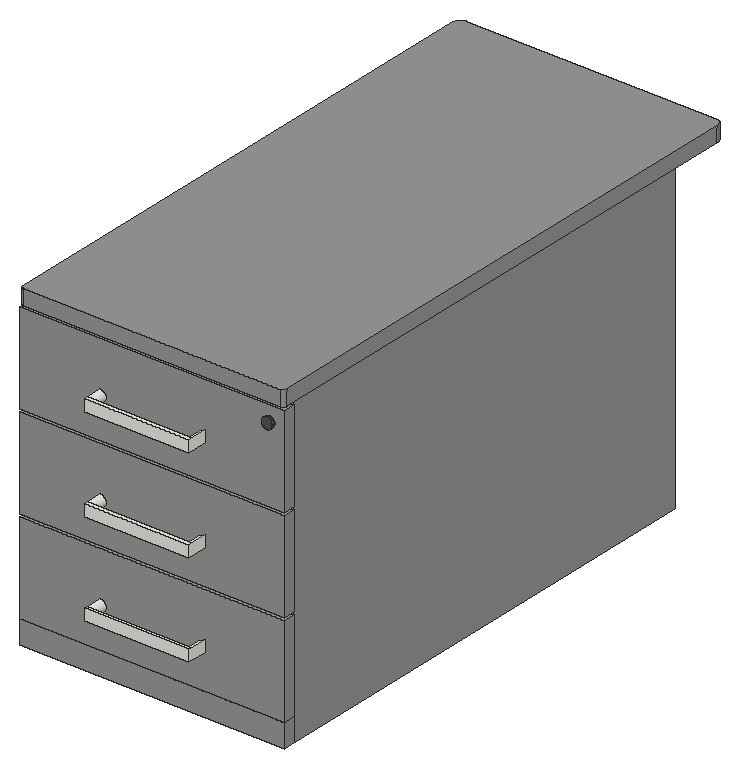
Revit family "Haworth_HC1Pedestal_9HE_EU_PRELIMINARY", category Furniture Systems, Revit 2019
Family settings
  Round Connector Dimension = Use Diameter
  Part Type = Normal
  OmniClass Number = 23.40.70.14.64.21
  OmniClass Title = Systems Furniture
  Work Plane-Based = No
  Always vertical = Yes
  Cut with Voids When Loaded = No
  Shared = No
  Room Calculation Point = No
Parameters (values of type "3/3/3 43.3 x 80 x 51.6")
  Without Pull = no
  Warranty = "http://www.haworth.com/resources/product-info/warranties"
  URL - Product = "https://www.haworth.com/eu/en/products/office-drawers/hc1.html"
  Top Depth = if([60D Top], 60 cm, if([70D Top], 70 cm, if([80D Top], 80 cm, 90 cm)))  # 90 cm
  Thickness = if(Low, 1.9 cm, 2.5 cm)  # 2.5 cm
  Standard Handle 2 = no
  Standard Handle 1 = yes
  Small = not(Large)  # no
  Recessed Handle 128 1H Upper = no
  Recessed Handle 128 = no
  Pull Finish = Haworth _ Paint _ Smooth Plaster
  Pedestal Finish [instance] = Haworth _ Laminate _ Undecided _ Pedestal
  Model = "MS900XXXXX"  # constant formula
  Low = not(High)  # no
  Large = yes
  High = yes
  Handle Metal = no
  Handle 2 = no
  Handle 128 128 = no
  Handle 1 = no
  Glides = not(Casters)  # yes
  Glide Finish = Haworth _ Polymer _ Black
  Front Finish [instance] = Haworth _ Laminate _ Undecided _ Pedestal
  Four Doors Recessed Handle Door = no
  Four Doors = no
  Description = "Haworth - HC1 Pedestal - 9HE Pedestal"  # constant formula
  URL = "https://www.haworth.com/eu/en.html"
  Size = "Verify Final Dim. w/ Haworth"  # constant formula
  Revision Number = "1"  # constant formula
  Manufacturer = "Haworth"  # constant formula
  Depth of Top = "if(Depth 60, 60, 70), if(Depth 80, 80, 90)"  # constant formula
  Cushion Finish [instance] = Haworth _ Fabric _ Undecided _ Seating _ Lounge
  Casters = no
  Author = "Haworth (Abd Rahman)"  # constant formula
  Assembly Code = "E2020200"
  Actual Width = 43.3 cm  # constant formula
  Actual Height = 51.6 cm  # constant formula
  Actual Depth = if(Small, 60 cm, 80 cm)  # 80 cm
  90D Top = yes
  80D Top = no
  70D Top = no
  6H Lower = no
  60D Top = no
  3H Upper = yes
  3H Middle = yes
  3H Lower = yes
  2H Middle = no
  1H Upper = no
Reference planes (cm)
  plane 1 "Storage Top Center F/B": y = 5
  plane 2: z = 0
  plane 3 "Storage Top Center L/R": x = 0
  plane 4 "Left": x = -21.65
  plane 5 "Back": y = 45
  plane 6 "Front": y = -35
  plane 7 "Right": x = 21.65
  plane 8 "Top": z = 54.1
  plane 9 "Bottom": z = 51.6
  plane 10: z = 1.6
  plane 11: z = 46.2
  plane 12: z = 45.8
  plane 13: z = 51.2
  plane 14: y = -33.095
  plane 15: y = 55
  plane 16: x = 19.15
  plane 17: z = 48.7
  plane 18: y = -36
  plane 19: z = 42.8
  plane 20: z = 27.4
  plane 21: z = 12
  plane 22: z = 1.6
  plane 23: z = 49.2
  plane 24: x = 9
  plane 25: x = -9
  plane 26: z = 43.8
  plane 27: z = 40.8
  plane 28: z = 28.4
  plane 29: z = 25.4
  plane 30: y = -35.4499
  plane 31: x = -7
  plane 32: x = 6.9654
  plane 33: z = 49.6299
  plane 34: z = 47.6299
  plane 35: z = 43.2299
  plane 36: z = 41.2299
  plane 37: z = 27.8299
  plane 38: z = 25.8299
  plane 39: z = 12.4299
  plane 40: z = 10.4299
  plane 41: z = 2.0299
  plane 42: z = 0.0299
  plane 43: y = -35.1733
  plane 44: z = 36.2
  plane 45: z = 35.8
  plane 46: z = 20.8
  plane 47: z = 20.4
  plane 48: z = 5.8
  plane 49: z = 5.4
  plane 50: z = 13
  plane 51: z = 10
  plane 52: y = -35.4499
  plane 53: z = 50.2
  plane 54: z = 47.2
Forms (cm)
  Extrusion 1, solid, material "Haworth _ Fabric _ Undecided _ Seating _ Lounge" <- "Cushion Finish"
    sketch origin (-91.5403, -457.2, 51.6) x (-1, 0, 0) y (0, -1, 0)
      loop
        arc (-71.1603, -512.2) -> (-70.2623, -511.828) -> (-69.8903, -510.93) r 1.27
        line (-69.8903, -510.93) -> (-69.8903, -422.7913)
        arc (-69.8903, -422.7913) -> (-70.0635, -422.3732) -> (-70.4816, -422.2) r 0.5913
        line (-70.4816, -422.2) -> (-112.599, -422.2)
        arc (-112.599, -422.2) -> (-113.0171, -422.3732) -> (-113.1903, -422.7913) r 0.5913
        line (-113.1903, -422.7913) -> (-113.1903, -510.93)
        arc (-113.1903, -510.93) -> (-112.8183, -511.828) -> (-111.9203, -512.2) r 1.27
        line (-111.9203, -512.2) -> (-71.1603, -512.2)
    from 0 to 2.5
  Extrusion 2, solid, material "Haworth _ Laminate _ Undecided _ Pedestal" <- "Pedestal Finish"
    sketch origin (0, 0, 0) x (1, 0, 0) y (0, 1, 0)
      loop
        line (-21.65, 45) -> (-21.65, -33.095) -> (21.65, -33.095) -> (21.65, 45) -> (-21.65, 45)
    from 1.6 to 51.6
  Extrusion 3, solid, material "Haworth _ Polymer _ Black" <- "Glide Finish", visible <- "Glides"
    sketch origin (0, 0, 0) x (1, 0, 0) y (0, 1, 0)
      loop
        line (-19.65, -26.5595) -> (-19.65, -30.2688)
        arc (-19.65, -30.2688) -> (-14.3286, -28.4141) -> (-19.65, -26.5595) r 2.9839
      loop
        arc (19.65, -26.5595) -> (14.3286, -28.4141) -> (19.65, -30.2688) r 2.9839
        line (19.65, -30.2688) -> (19.65, -26.5595)
      loop
        arc (-19.65, 36.9645) -> (-14.3286, 38.8191) -> (-19.65, 40.6738) r 2.9839
        line (-19.65, 40.6738) -> (-19.65, 36.9645)
      loop
        line (19.65, 36.9645) -> (19.65, 40.6738)
        arc (19.65, 40.6738) -> (14.3286, 38.8191) -> (19.65, 36.9645) r 2.9839
    from 0 to 1.6
  Extrusion 4, solid, material "Haworth _ Polymer _ Black" <- "Glide Finish"
    sketch origin (257.4608, -35, 4.494) x (1, 0, 0) y (0, 0, -1)
      loop
        circle (-238.3108, -44.206) r 0.9
    from -0.4499 to 0
  Extrusion 5, solid, material "Haworth _ Paint _ Smooth Plaster" <- "Pull Finish", visible <- "Recessed Handle 128"
    sketch origin (0, -35, 0) x (1, 0, 0) y (0, 0, -1)
      loop
        line (-9, -43.8) -> (9, -43.8) -> (9, -40.8) -> (-9, -40.8) -> (-9, -43.8)
      loop
        line (-9, -28.4) -> (9, -28.4) -> (9, -25.4) -> (-9, -25.4) -> (-9, -28.4)
    from -0.4499 to 0
  Extrusion 6, void
    sketch origin (0, -35, 0) x (1, 0, 0) y (0, 0, -1)
      loop
        line (-7, -49.6299) -> (6.9654, -49.6299) -> (6.9654, -47.6299) -> (-7, -47.6299) -> (-7, -49.6299)
      loop
        line (-7, -43.2299) -> (6.9654, -43.2299) -> (6.9654, -41.2299) -> (-7, -41.2299) -> (-7, -43.2299)
      loop
        line (-7, -27.8299) -> (6.9654, -27.8299) -> (6.9654, -25.8299) -> (-7, -25.8299) -> (-7, -27.8299)
      loop
        line (-7, -12.4299) -> (6.9654, -12.4299) -> (6.9654, -10.4299) -> (-7, -10.4299) -> (-7, -12.4299)
    from -25.6289 to -0.1733
  Extrusion 7, solid, material "Haworth _ Polymer _ Black" <- "Glide Finish", visible <- "Casters"
    sketch origin (0, -35, 0) x (1, 0, 0) y (0, 0, -1)
      loop
        line (14.7912, -1.6) -> (18.7912, -1.6)
        arc (18.7912, -1.6) -> (16.7912, 0.0001) -> (14.7912, -1.6) r 2.05
      loop
        arc (-14.7912, -1.6) -> (-16.7912, 0.0001) -> (-18.7912, -1.6) r 2.05
        line (-18.7912, -1.6) -> (-14.7912, -1.6)
    from 4.7312 to 8.4405
  Extrusion 8, solid, material "Haworth _ Laminate _ Undecided _ Pedestal" <- "Pedestal Finish"
    sketch origin (257.4608, -35, 4.494) x (1, 0, 0) y (0, 0, -1)
      loop
        line (-279.1108, -0.906) -> (-235.8108, -0.906) -> (-235.8108, 2.894) -> (-279.1108, 2.894) -> (-279.1108, -0.906)
    from 0 to 1.905
  Extrusion 9, solid, material "Haworth _ Paint _ Smooth Plaster" <- "Pull Finish", visible <- "Four Doors Recessed Handle Door"
    sketch origin (257.4608, -35, 4.494) x (1, 0, 0) y (0, 0, -1)
      loop
        line (-266.4608, -8.506) -> (-248.4608, -8.506) -> (-248.4608, -5.506) -> (-266.4608, -5.506) -> (-266.4608, -8.506)
    from -0.4499 to 0
  Extrusion 10, solid, material "Haworth _ Paint _ Smooth Plaster" <- "Pull Finish", visible <- "Recessed Handle 128 1H Upper"
    sketch origin (257.4608, -35, 4.494) x (1, 0, 0) y (0, 0, -1)
      loop
        line (-266.4608, -45.706) -> (-248.4608, -45.706) -> (-248.4608, -42.706) -> (-266.4608, -42.706) -> (-266.4608, -45.706)
    from -0.4499 to 0
  Extrusion 11, solid, material "Haworth _ Polymer _ Black" <- "Glide Finish", visible <- "Casters"
    sketch origin (0, 45, 0) x (1, 0, 0) y (0, 0, 1)
      loop
        arc (14.7912, 1.6) -> (16.7912, -0.0001) -> (18.7912, 1.6) r 2.05
        line (18.7912, 1.6) -> (14.7912, 1.6)
      loop
        line (-14.7912, 1.6) -> (-18.7912, 1.6)
        arc (-18.7912, 1.6) -> (-16.7912, -0.0001) -> (-14.7912, 1.6) r 2.05
    from 4.3262 to 8.0355
Cuts and joins
  Extrusion 6 cuts Extrusion 2
  Extrusion 6 cuts Extrusion 5
  Extrusion 6 cuts Extrusion 9
  Extrusion 6 cuts Extrusion 10
Lines and regions (cm)
  Masking region 1
    outline origin (0, 0, 54.1) x (-1, 0, 0) y (0, -1, 0)
      loop
        line (21.65, -53.73) -> (21.65, 33.325)
        arc (21.65, 33.325) -> (21.1594, 34.5094) -> (19.975, 35) r 1.675
        line (19.975, 35) -> (-20.38, 35)
        arc (-20.38, 35) -> (-21.278, 34.628) -> (-21.65, 33.73) r 1.27
        line (-21.65, 33.73) -> (-21.65, -53.73)
        arc (-21.65, -53.73) -> (-21.278, -54.628) -> (-20.38, -55) r 1.27
        line (-20.38, -55) -> (20.38, -55)
        arc (20.38, -55) -> (21.278, -54.628) -> (21.65, -53.73) r 1.27
Dimensions and locks (cm)
  equal spacing: plane 5 "Back", plane 1 "Storage Top Center F/B", plane 6 "Front"
  "Actual Depth": plane 5 "Back" to plane 6 "Front"
  equal spacing: plane 4 "Left", plane 3 "Storage Top Center L/R", plane 7 "Right"
  "Actual Width": plane 4 "Left" to plane 7 "Right"
  "Thickness": plane 8 "Top" to plane 9 "Bottom"
  "Actual Height": plane 9 "Bottom" to level
  locked: plane 11 to plane 12 at 0.4
  plane 9 "Bottom" to plane 13 = 0.4 cm
  plane 13 to plane 11 = 5 cm
  locked: plane 6 "Front" to plane 14 at 1.905
  "Top Depth": plane 15 to plane 6 "Front"
  locked: plane 16 to plane 7 "Right" at 2.5
  locked: plane 13 to plane 17 at 2.5
  locked: plane 18 to plane 6 "Front" at 1
  locked: plane 12 to plane 19 at 3
  locked: plane 13 to plane 23 at 2
  equal spacing: plane 25, plane 3 "Storage Top Center L/R", plane 24
  plane 26 to plane 19 to plane 27 = 1 cm, 2 cm
  plane 28 to plane 20 to plane 29 = 1 cm, 2 cm
  locked: plane 30 to plane 6 "Front" at 0.4499
  plane 41 to plane 22 to plane 42 = 0.4299 cm locked, 1.5701 cm locked
  plane 39 to plane 21 to plane 40 = 0.4299 cm locked, 1.5701 cm locked
  plane 37 to plane 20 to plane 38 = 0.4299 cm locked, 1.5701 cm locked
  plane 35 to plane 19 to plane 36 = 0.4299 cm locked, 1.5701 cm locked
  plane 33 to plane 23 to plane 34 = 0.4299 cm locked, 1.5701 cm locked
  plane 31 to plane 3 "Storage Top Center L/R" to plane 32 = 7 cm locked, 6.9654 cm locked
  locked: plane 43 to plane 6 "Front" at 0.1733
  locked: plane 10 to level at 1.6
  plane 46 to plane 47 = 0.4 cm
  locked: plane 44 to plane 45 at 0.4
  plane 13 to plane 44 = 15 cm
  plane 45 to plane 46 = 15 cm  (x2)
  plane 47 to nested 14 = 14.6 cm
  locked: plane 48 to plane 49 at 0.4
  plane 12 to plane 44 = 9.6 cm
  plane 47 to plane 48 = 14.6 cm
  plane 50 to plane 21 to plane 51 to level = 1 cm locked, 2 cm locked, 10 cm locked
  equal spacing: Extrusion 9 sketch curve, plane 3 "Storage Top Center L/R", Extrusion 9 sketch curve
  locked: plane 52 to plane 6 "Front" at 0.4499
  plane 53 to plane 23 to plane 54 = 1 cm locked, 2 cm locked
  equal spacing: Extrusion 10 sketch curve, plane 3 "Storage Top Center L/R", Extrusion 10 sketch curve
  aligned and locked: Extrusion 1 sketch curve to plane 7 "Right"
  aligned and locked: plane 6 "Front" to Extrusion 1 sketch curve
  aligned and locked: plane 4 "Left" to Extrusion 1 sketch curve
  aligned and locked: plane 8 "Top" to Extrusion 1
  aligned and locked: Extrusion 1 to plane 9 "Bottom"
  aligned and locked: Masking region 1 to plane 6 "Front"
  aligned and locked: plane 7 "Right" to Extrusion 2 sketch curve
  aligned and locked: plane 4 "Left" to Extrusion 2 sketch curve
  aligned and locked: plane 5 "Back" to Extrusion 2 sketch curve
  aligned and locked: Extrusion 3 to level
  aligned and locked: Extrusion 2 to plane 14
  aligned and locked: plane 15 to Masking region 1 sketch curve
  aligned and locked: Extrusion 1 sketch curve to plane 15
  aligned and locked: plane 16 to Extrusion 4 sketch curve
  aligned and locked: plane 17 to Extrusion 4 sketch curve
  aligned and locked: plane 6 "Front" to Extrusion 4
  aligned and locked: plane 19 to nested 1
  aligned and locked: plane 3 "Storage Top Center L/R" to nested 1
  aligned and locked: nested 1 to plane 6 "Front"
  aligned and locked: nested 2 to plane 6 "Front"
  aligned and locked: plane 3 "Storage Top Center L/R" to nested 2
  aligned and locked: plane 20 to nested 2
  aligned and locked: Extrusion 5 sketch curve to plane 26
  aligned and locked: plane 27 to Extrusion 5 sketch curve
  aligned and locked: plane 24 to Extrusion 5 sketch curve  (x2)
  aligned and locked: Extrusion 5 sketch curve to plane 25  (x2)
  aligned and locked: Extrusion 5 sketch curve to plane 28
  aligned and locked: plane 29 to Extrusion 5 sketch curve
  aligned and locked: plane 6 "Front" to Extrusion 5
  aligned and locked: plane 32 to Extrusion 6 sketch curve  (x4)
  aligned and locked: Extrusion 6 sketch curve to plane 31  (x4)
  aligned and locked: Extrusion 6 sketch curve to plane 33
  aligned and locked: plane 34 to Extrusion 6 sketch curve
  aligned and locked: Extrusion 6 sketch curve to plane 35
  aligned and locked: plane 36 to Extrusion 6 sketch curve
  aligned and locked: Extrusion 6 sketch curve to plane 37
  aligned and locked: plane 38 to Extrusion 6 sketch curve
  aligned and locked: Extrusion 6 sketch curve to plane 39
  aligned and locked: plane 40 to Extrusion 6 sketch curve
  aligned and locked: cut or joined group of Extrusion 2, Extrusion 6 to plane 43
  aligned and locked: plane 3 "Storage Top Center L/R" to nested 5
  aligned and locked: plane 3 "Storage Top Center L/R" to nested 4
  aligned and locked: plane 3 "Storage Top Center L/R" to nested 3
  aligned and locked: plane 19 to nested 5
  aligned and locked: plane 21 to nested 4
  aligned and locked: plane 23 to nested 3
  aligned and locked: nested 4 to plane 6 "Front"
  aligned and locked: nested 5 to plane 6 "Front"
  aligned and locked: nested 3 to plane 6 "Front"
  aligned and locked: plane 23 to nested 8
  aligned and locked: plane 20 to nested 7
  aligned and locked: plane 21 to nested 6
  aligned and locked: nested 8 to plane 6 "Front"
  aligned and locked: nested 7 to plane 6 "Front"
  aligned and locked: nested 6 to plane 6 "Front"
  aligned and locked: plane 3 "Storage Top Center L/R" to nested 8
  aligned and locked: plane 3 "Storage Top Center L/R" to nested 7
  aligned and locked: plane 3 "Storage Top Center L/R" to nested 6
  aligned and locked: plane 10 to Extrusion 3
  aligned and locked: cut or joined group of Extrusion 2, Extrusion 6 to plane 10
  aligned and locked: plane 30 to Extrusion 4
  aligned and locked: plane 9 "Bottom" to cut or joined group of Extrusion 2, Extrusion 6
  aligned and locked: Extrusion 7 sketch curve to plane 22
  aligned and locked: plane 13 to nested 9
  aligned and locked: plane 3 "Storage Top Center L/R" to nested 9
  aligned and locked: plane 6 "Front" to nested 9
  aligned and locked: plane 3 "Storage Top Center L/R" to nested 10
  aligned and locked: plane 13 to nested 10
  aligned and locked: plane 6 "Front" to nested 10
  aligned and locked: plane 3 "Storage Top Center L/R" to nested 11
  aligned and locked: plane 3 "Storage Top Center L/R" to nested 12
  aligned and locked: plane 6 "Front" to nested 12
  aligned and locked: plane 6 "Front" to nested 11
  aligned and locked: nested 12 to plane 45
  aligned and locked: nested 11 to plane 47
  aligned and locked: nested 13 to plane 12
  aligned and locked: plane 3 "Storage Top Center L/R" to nested 13
  aligned and locked: plane 6 "Front" to nested 13
  aligned and locked: plane 3 "Storage Top Center L/R" to nested 14
  aligned and locked: plane 6 "Front" to nested 14
  aligned and locked: nested 14 to plane 45
  aligned and locked: plane 10 to plane 22
  aligned and locked: plane 14 to nested 10
  aligned and locked: Extrusion 8 sketch curve to plane 49
  aligned and locked: plane 7 "Right" to Extrusion 8 sketch curve
  aligned and locked: plane 22 to Extrusion 8 sketch curve
  aligned and locked: plane 4 "Left" to Extrusion 8 sketch curve
  aligned and locked: Extrusion 8 to plane 6 "Front"
  aligned and locked: plane 14 to Extrusion 8
  aligned and locked: Extrusion 9 sketch curve to plane 50
  aligned and locked: plane 51 to Extrusion 9 sketch curve
  aligned and locked: plane 6 "Front" to Extrusion 9
  aligned and locked: plane 52 to Extrusion 4
  aligned and locked: plane 52 to Extrusion 9
  aligned and locked: plane 52 to cut or joined group of Extrusion 5, Extrusion 6
  aligned and locked: Extrusion 10 sketch curve to plane 53
  aligned and locked: plane 54 to Extrusion 10 sketch curve
  aligned and locked: plane 6 "Front" to Extrusion 10
  aligned and locked: plane 52 to Extrusion 10
  aligned and locked: plane 20 to nested 15
  aligned and locked: plane 10 to Extrusion 7 sketch curve
  aligned and locked: Extrusion 11 sketch curve to plane 10
  aligned and locked: plane 10 to Extrusion 11 sketch curve
  aligned and locked: nested 15 to plane 6 "Front"
  aligned and locked: Extrusion 11 to Extrusion 3  (x2)
Automatic sketch dimensions
  plane 6 "Front" to Extrusion 1 sketch curve = 0.5913 cm
  plane 7 "Right" to Extrusion 1 sketch curve = 1.27 cm
  plane 4 "Left" to Extrusion 1 sketch curve = 1.27 cm
  plane 4 "Left" to Extrusion 1 sketch curve = 0.5913 cm
  Masking region 1 sketch curve to plane 7 "Right" = 0 cm
  Masking region 1 sketch curve to plane 6 "Front" = 0 cm
  Masking region 1 sketch curve to plane 4 "Left" = 0 cm
  plane 7 "Right" to Masking region 1 sketch curve = 1.27 cm  (x2)
  Masking region 1 sketch curve to plane 14 = 0.23 cm
  plane 4 "Left" to Masking region 1 sketch curve = 1.27 cm
  Extrusion 2 sketch curve to plane 14 = 0 cm
  plane 4 "Left" to Extrusion 3 sketch curve = 2 cm  (x2)
  Extrusion 3 sketch curve to Extrusion 3 sketch curve = 2.3375 cm  (x2)
  plane 7 "Right" to Extrusion 3 sketch curve = 4.3375 cm  (x2)
  plane 7 "Right" to Extrusion 3 sketch curve = 2 cm  (x2)
  plane 14 to Extrusion 3 sketch curve = 2.8262 cm  (x2)
  Extrusion 3 sketch curve to Extrusion 3 sketch curve = 1.8547 cm  (x4)
  plane 5 "Back" to Extrusion 3 sketch curve = 8.0355 cm  (x2)
  Extrusion 7 sketch curve to plane 4 "Left" = 2.8588 cm
  Extrusion 7 sketch curve to plane 10 = 0.4498 cm  (x2)
  Extrusion 7 sketch curve to Extrusion 7 sketch curve = 2 cm  (x2)
  Extrusion 7 sketch curve to plane 7 "Right" = 6.8588 cm
  plane 3 "Storage Top Center L/R" to Extrusion 9 sketch curve = 9 cm
  plane 3 "Storage Top Center L/R" to Extrusion 10 sketch curve = 9 cm
  plane 4 "Left" to Extrusion 11 sketch curve = 2.8588 cm
  plane 10 to Extrusion 11 sketch curve = 0.4498 cm  (x2)
  Extrusion 11 sketch curve to Extrusion 11 sketch curve = 2 cm  (x2)
  plane 7 "Right" to Extrusion 11 sketch curve = 6.8588 cm
  radius of Extrusion 4 sketch curve = 0.9 cm
Nested families (cm)
  nested 1: "Haworth_Drawer-Pulls" at (0, -35, 42.8), type "Pull"
    with Ellipse no, Classic yes
  nested 2: "Haworth_Epure_Storage_Drawer-Pulls" at (0, -35, 27.4), visible <- "3H Middle", type "Pull"
    with Metal no, Handle 2 no, Handle 1 no
  nested 3: "Haworth_Epure_Storage_Drawer-Pulls" at (0, -35, 49.2), visible <- "1H Upper", type "Pull"
    with Metal no, Handle 2 no, Handle 1 no
  nested 4: "Haworth_Epure_Storage_Drawer-Pulls" at (0, -35, 12), visible <- "3H Lower", type "Pull"
    with Metal no, Handle 2 no, Handle 1 no
  nested 5: "Haworth_Epure_Storage_Drawer-Pulls" at (0, -35, 42.8), type "Pull"
    with Metal no, Handle 2 no, Handle 1 no
  nested 6: "Haworth_Drawer-Pulls" at (0, -35, 12), visible <- "3H Lower", type "Pull"
    with Ellipse no, Classic yes
  nested 7: "Haworth_Drawer-Pulls" at (0, -35, 27.4), type "Pull"
    with Ellipse no, Classic yes
  nested 8: "Haworth_Drawer-Pulls" at (0, -35, 49.2), visible <- "1H Upper", type "Pull"
    with Ellipse no, Classic yes
  nested 9: "Haworth_MSeries_Drawer_PART" at (0, -32.1117, 46.2), visible <- "1H Upper", type "Haworth_Drawer - Without Lock - 1"
    with Pull Height 26.2731 cm, Drawer Height 5 cm, Linear Pull no, Ellipse Pull no, Drawer Width 43.3 cm
  nested 10: "Haworth_MSeries_Drawer_PART" at (0, -32.1117, 36.2), visible <- "3H Upper", type "Haworth_Drawer - Without Lock - 3"
    with Pull Height 26.2731 cm, Drawer Height 15 cm, Linear Pull no, Ellipse Pull no, Drawer Width 43.3 cm
  nested 11: "Haworth_MSeries_Drawer_PART" at (0, -32.1117, 5.4), visible <- "3H Lower", type "Haworth_Drawer - Without Lock - 3"
    with Pull Height 26.2731 cm, Drawer Height 15 cm, Linear Pull no, Ellipse Pull no, Drawer Width 43.3 cm
  nested 12: "Haworth_MSeries_Drawer_PART" at (0, -32.1117, 20.8), visible <- "3H Middle", type "Haworth_Drawer - Without Lock - 3"
    with Pull Height 26.2731 cm, Drawer Height 15 cm, Linear Pull no, Ellipse Pull no, Drawer Width 43.3 cm
  nested 13: "Haworth_MSeries_Drawer_PART" at (0, -32.1117, 36.2), visible <- "2H Middle", type "Haworth_Drawer - Without Lock - 2"
    with Pull Height 26.2731 cm, Drawer Height 9.6 cm, Linear Pull no, Ellipse Pull no, Drawer Width 43.3 cm
  nested 14: "Haworth_MSeries_Drawer_PART" at (0, -32.1117, 5.8), visible <- "6H Lower", type "Haworth_Drawer - Without Lock - 6"
    with Pull Height 26.2731 cm, Drawer Height 30 cm, Linear Pull no, Ellipse Pull no, Drawer Width 43.3 cm
  nested 15: "Haworth_Epure_Storage_Drawer-Pulls" at (0, -35, 27.4), visible <- "6H Lower", type "Pull"
    with Metal no, Handle 2 no, Handle 1 no
Definition of nested family "Haworth_Drawer-Pulls"
  Parameters (values of type "Pull")
    Taper = no
    Radius = no
    Patterns = no
    Linear = no
    Handle Finish = none
    Ellipse = yes
    Cresent = no
    Classic = no
    Assembly Code = ""
  Reference planes (cm)
    plane 1 "Center Front/Back": y = 0
    plane 2: z = 0
    plane 3 "Center Left/Right": x = 0
    plane 4: x = -13
    plane 5: x = 13
  Forms (cm)
    Extrusion 1, solid, material <- "Handle Finish", visible <- "Ellipse"
      sketch origin (0, 0, 0.4043) x (0, 1, 0) y (0, 0, 1)
        loop
          arc (-0.0766, 0) -> (-0.6785, -0.0758) -> (-1.2456, -0.2915) r 2.5527
          arc (-1.2456, -0.2915) -> (-1.6565, -0.5616) -> (-2.0062, -0.9074) r 2.4865
          arc (-2.0062, -0.9074) -> (-2.2178, -1.2005) -> (-2.3884, -1.5191) r 2.7094
          arc (-2.3884, -1.5191) -> (-2.3108, -1.6801) -> (-2.1479, -1.6067) r 0.128
          arc (-2.1479, -1.6067) -> (-1.7188, -0.9918) -> (-1.1354, -0.5209) r 2.6641
          arc (-1.1354, -0.5209) -> (-0.8893, -0.4088) -> (-0.6314, -0.3274) r 2.2187
          arc (-0.6314, -0.3274) -> (-0.4078, -0.3858) -> (-0.29, -0.5847) r 0.3035
          arc (-0.29, -0.5847) -> (-0.1687, -0.7045) -> (0, -0.6789) r 0.1902
          line (0, -0.6789) -> (0, -0.1296) -> (-0.0766, 0)
      from -13 to 13
    Extrusion 2, void
      sketch origin (0, 0, 0.4043) x (1, 0, 0) y (0, 1, 0)
        loop
          line (-16.5099, 0) -> (-16.9486, 0) -> (-16.9486, -2.835) -> (16.9486, -2.835) -> (16.9486, 0) -> (16.5099, 0)
          arc (16.5099, 0) -> (16.423, -0.4523) -> (16.1849, -0.8466) r 1.31
          arc (16.1849, -0.8466) -> (15.839, -1.1305) -> (15.4202, -1.2881) r 1.3735
          arc (15.4202, -1.2881) -> (11.6131, -1.8997) -> (7.7712, -2.2273) r 51.9795
          arc (7.7712, -2.2273) -> (0, -2.4137) -> (-7.7712, -2.2273) r 162.0476
          arc (-7.7712, -2.2273) -> (-11.6131, -1.8997) -> (-15.4202, -1.2881) r 51.9795
          arc (-15.4202, -1.2881) -> (-15.839, -1.1305) -> (-16.1849, -0.8466) r 1.3735
          arc (-16.1849, -0.8466) -> (-16.423, -0.4523) -> (-16.5099, 0) r 1.31
      from 0 to -2.308
    Blend 3, solid, material <- "Handle Finish", visible <- "Radius"
      base sketch origin (0, 0, 0.7938) x (0, 1, 0) y (0, 0, -1)
        loop
          line (0, 0) -> (0, 1.5875) -> (-1.0246, 1.5875)
          arc (-1.0246, 1.5875) -> (-1.8184, 0.7938) -> (-1.0246, 0) r 0.7938
          line (-1.0246, 0) -> (0, 0)
      top sketch origin (0, 0, 0.7938) x (0, 1, 0) y (0, 0, -1)
        loop
          line (0, 0) -> (0, 1.5875) -> (-1.9782, 1.5875)
          arc (-1.9782, 1.5875) -> (-2.772, 0.7938) -> (-1.9782, 0) r 0.7938
          line (-1.9782, 0) -> (0, 0)
      from -12.3825 to -9.2075
    Sweep 4, solid, material <- "Handle Finish", visible <- "Radius"
      path origin (0, 0, 0) x (1, 0, 0) y (0, 1, 0)
        loop
          arc (-12.3825, -1.8184) -> (0, -3.9179) -> (12.3825, -1.8184) r 37.5636
      profile origin (0, -3.9179, 0) x (0, 1, 0) y (0, 0, 1)
        loop
          circle (0.7938, 0) r 0.7739
    Extrusion 5, solid, material <- "Handle Finish", visible <- "Taper"
      sketch origin (0, 0, 0.6929) x (0, 1, 0) y (0, 0, 1)
        loop
          line (0, 0) -> (-2.2225, 0)
          arc (-2.2225, 0) -> (-2.447, -0.093) -> (-2.54, -0.3175) r 0.3175
          line (-2.54, -0.3175) -> (-2.54, -1.778) -> (-2.4609, -1.778) -> (-2.4609, -0.3178)
          arc (-2.4609, -0.3178) -> (-2.3911, -0.1492) -> (-2.2225, -0.0794) r 0.2384
          line (-2.2225, -0.0794) -> (-0.0794, -0.0794) -> (-0.0794, -1.3462) -> (0, -1.3462) -> (0, 0)
      from -16.6535 to 16.6535
    Extrusion 6, void
      sketch origin (0, 0, 0.6929) x (1, 0, 0) y (0, 0, 1)
        loop
          arc (-13.2932, -1.8265) -> (-15.2327, -1.3323) -> (-16.6993, 0.0298) r 4.0532
          line (-16.6993, 0.0298) -> (-17.4239, 0.0298) -> (-17.4239, -2.54) -> (17.4239, -2.54) -> (17.4239, 0.0298) -> (16.6993, 0.0298)
          arc (16.6993, 0.0298) -> (15.2327, -1.3323) -> (13.2932, -1.8265) r 4.0532
          line (13.2932, -1.8265) -> (-13.2932, -1.8265)
      from 0 to 5.5909
    Sweep 7, solid, material <- "Handle Finish", visible <- "Cresent"
      path origin (0, 0, 0.3175) x (1, 0, 0) y (0, 1, 0)
        loop
          arc (-9.6589, 0.1016) -> (0, -3.175) -> (9.6589, 0.1016) r 15.875
      profile origin (0, -3.175, 0.3175) x (0, 1, 0) y (0, 0, 1)
        loop
          circle (0.3175, -0.3175) r 0.3175
    Extrusion 8, void
      sketch origin (0, 0, 0.3175) x (1, 0, 0) y (0, 1, 0)
        loop
          line (-10.0214, 0) -> (10.0177, 0) -> (10.0177, 0.8146) -> (-10.0214, 0.8146) -> (-10.0214, 0)
      from 0.0882 to -0.7228
    Extrusion 9, solid, material <- "Handle Finish", visible <- "Linear"
      sketch origin (0, 0, 0.3175) x (1, 0, 0) y (0, 1, 0)
        loop
          line (-10.16, 0) -> (-10.16, -3.175) -> (10.16, -3.175) -> (10.16, 0) -> (7.62, 0) -> (7.62, -2.54) -> (-7.62, -2.54) -> (-7.62, 0) -> (-10.16, 0)
      from 0 to -0.635
    Extrusion 10, solid, material <- "Handle Finish", visible <- "Classic"
      sketch origin (0, 0, 0.9525) x (1, 0, 0) y (0, 0, 1)
        loop
          line (-8.5725, 0) -> (-8.5725, -1.905)
          arc (-8.5725, -1.905) -> (-7.62, -0.9525) -> (-8.5725, 0) r 0.9525
      from 0 to 2.54
    Extrusion 11, solid, material <- "Handle Finish", visible <- "Classic"
      sketch origin (0, 0, 0.9525) x (-1, 0, 0) y (0, 0, -1)
        loop
          arc (-8.5725, 0) -> (-7.62, 0.9525) -> (-8.5725, 1.905) r 0.9525
          line (-8.5725, 1.905) -> (-8.5725, 0)
      from 0 to 2.54
    Extrusion 12, solid, material <- "Handle Finish", visible <- "Classic"
      sketch origin (0, 0, 0.9525) x (1, 0, 0) y (0, 0, 1)
        loop
          line (-8.5725, 0) -> (-8.5725, -1.905) -> (8.5725, -1.905) -> (8.5725, 0) -> (-8.5725, 0)
      from 2.54 to 3.175
    Blend 13, solid, material <- "Handle Finish", visible <- "Radius"
      base sketch origin (0, 0, 0.7938) x (0, 1, 0) y (0, 0, 1)
        loop
          line (0, 0) -> (-1.0246, 0)
          arc (-1.0246, 0) -> (-1.8184, -0.7938) -> (-1.0246, -1.5875) r 0.7938
          line (-1.0246, -1.5875) -> (0, -1.5875) -> (0, 0)
      top sketch origin (0, 0, 0.7938) x (0, 1, 0) y (0, 0, 1)
        loop
          line (0, 0) -> (-1.9782, 0)
          arc (-1.9782, 0) -> (-2.772, -0.7938) -> (-1.9782, -1.5875) r 0.7938
          line (-1.9782, -1.5875) -> (0, -1.5875) -> (0, 0)
      from -12.3825 to -9.2075
    Extrusion 14, solid, material <- "Handle Finish", visible <- "Patterns"
      sketch origin (0, 0, 0.6929) x (0, 1, 0) y (0, 0, 1)
        loop
          line (0, 0) -> (-2.2225, 0)
          arc (-2.2225, 0) -> (-2.447, -0.093) -> (-2.54, -0.3175) r 0.3175
          line (-2.54, -0.3175) -> (-2.54, -1.778) -> (-2.4609, -1.778) -> (-2.4609, -0.3178)
          arc (-2.4609, -0.3178) -> (-2.3911, -0.1492) -> (-2.2225, -0.0794) r 0.2384
          line (-2.2225, -0.0794) -> (-0.0794, -0.0794) -> (-0.0794, -1.3462) -> (0, -1.3462) -> (0, 0)
      from -10.16 to 10.16
  Cuts and joins
    Extrusion 2 cuts Extrusion 1
    joined: Extrusion 10, Extrusion 11, Extrusion 12
    Extrusion 6 cuts Extrusion 5
    Extrusion 8 cuts Sweep 7
    joined: Blend 3, Sweep 4, Blend 13
Definition of nested family "Haworth_MSeries_Drawer_PART"
  Parameters (values of type "Haworth_Drawer - Without Lock")
    with Pull = yes
    With Lock = no
    Wing Pull Length = 21.1138 cm
    Wing Pull = no
    Warranty = "http://www.haworth.com/resources/product-info/warranties"
    URL - Product = ""
    URL = "www.haworth.com"
    Trim Finish = none
    Side Recess = no
    Revision Number = "1"  # constant formula
    Pull Linear Height = 18.6531 cm
    Pull Height [instance] = 26.2731 cm
    Pull Finish = none
    Pull Ellipse Height = 26.2731 cm
    Note = "Verify Final Dim. w/ Haworth"  # constant formula
    Model = "Haworth Be_Hold"  # constant formula
    Manufacturer = "Haworth"  # constant formula
    Lock Offset Top = 15 cm
    Lock Offset Side = 45 cm
    Linear Pull = yes
    Front Recess = no
    Front Finish = none
    Front Edge Finish = none
    Ellipse Pull = yes
    Drawer Width = 90 cm
    Drawer Height [instance] = 30.48 cm
    Description = "Haworth - Be_Hold - Drawer"
    Cresent Pull = no
    Classic Pull Length = 0.44 cm
    Classic Pull = no
    Blade Pull Length = 39.0413 cm
    Blade Pull = no
    Linear Pull Length = 20 cm
    Author = "Haworth (Alias)"  # constant formula
    Assembly Code = ""
  Types (2, lengths in cm): name | With Lock | Pull Linear Height | Lock Offset Top
    Haworth_Drawer | yes | 26.2731 | 3
    Haworth_Drawer - Without Lock | no | 18.6531 | 15
  Reference planes (cm)
    plane 1 "Drawer Back": y = -0.6658
    plane 2: z = 0
    plane 3 "Center L/R": x = 0
    plane 4 "Drawer Front": y = -2.8883
    plane 5 "Left": x = -45
    plane 6 "Right": x = 45
    plane 7 "Top": z = 30.48
    plane 8 "Hardware Start": y = -0.9833
    plane 9 "Lock Side": x = 0
    plane 10 "Lock Horizontal": z = 15.48
    plane 11 "2": z = 17.7025
    plane 12: z = 18.6531
    plane 13: z = 26.2731
  Forms (cm)
    Extrusion 1, solid, material <- "Front Finish", visible <- "with Pull"
      sketch origin (0, -2.8883, 0) x (-1, 0, 0) y (0, 0, 1)
        loop
          line (-45, 30.48) -> (-45, 0) -> (45, 0) -> (45, 30.48) -> (-45, 30.48)
      from 0 to 1.905
    Revolve 2, solid, material <- "Trim Finish", visible <- "With Lock"
      sketch origin (0, 0, 15.48) x (-1, 0, 0) y (0, -1, 0)
        loop
          line (0, 2.8883) -> (0, 3.2057) -> (-0.7939, 3.2057)
          arc (-0.7939, 3.2057) -> (-1.0184, 3.1128) -> (-1.1113, 2.8883) r 0.3174
          line (-1.1113, 2.8883) -> (0, 2.8883)
        axis (0, 2.8883) -> (0, 3.2057)
      angle from 0 to 360
  Lines and regions (cm)
    Masking region 1
      outline origin (0, 0, 15.48) x (-1, 0, 0) y (0, -1, 0)
        loop
          line (45, 0.9833) -> (45, 2.8883) -> (-45, 2.8883) -> (-45, 0.9833) -> (45, 0.9833)
  Dimensions and locks (cm)
    equal spacing: plane 5 "Left", plane 3 "Center L/R", plane 6 "Right"
    "Drawer Width": plane 5 "Left" to plane 6 "Right"
    "Drawer Height": plane 7 "Top" to level
    locked: plane 1 "Drawer Back" to plane 8 "Hardware Start" at 0.3175
    plane 4 "Drawer Front" to plane 1 "Drawer Back" = 2.2225 cm
    plane 4 "Drawer Front" to plane 8 "Hardware Start" = 1.905 cm
    "Lock Offset Side": plane 9 "Lock Side" to plane 6 "Right"
    "Lock Offset Top": plane 7 "Top" to plane 10 "Lock Horizontal"
    locked: Revolve 2 sketch curve to plane 4 "Drawer Front" at 0.3174
    locked: plane 9 "Lock Side" to Revolve 2 sketch curve at 1.1113
    locked: plane 11 "2" to plane 10 "Lock Horizontal" at 2.2225
    "Pull Linear Height": plane 12 to level
    "Pull Ellipse Height": plane 13 to plane 2
    aligned and locked: Extrusion 1 sketch curve to plane 6 "Right"
    aligned and locked: Extrusion 1 sketch curve to plane 7 "Top"
    aligned and locked: Extrusion 1 sketch curve to plane 5 "Left"
    aligned and locked: Extrusion 1 sketch curve to plane 2
    aligned and locked: Extrusion 1 to plane 8 "Hardware Start"
    aligned and locked: Extrusion 1 to plane 4 "Drawer Front"
    aligned and locked: plane 9 "Lock Side" to Revolve 2 sketch curve  (x2)
    aligned and locked: Revolve 2 sketch curve to plane 4 "Drawer Front"
    aligned and locked: plane 3 "Center L/R" to nested 1
    aligned and locked: nested 1 to plane 4 "Drawer Front"
    aligned and locked: plane 6 "Right" to Masking region 1 sketch curve
    aligned and locked: Masking region 1 sketch curve to plane 8 "Hardware Start"
    aligned and locked: plane 4 "Drawer Front" to Masking region 1 sketch curve
    aligned and locked: plane 5 "Left" to Masking region 1 sketch curve
    aligned and locked: plane 7 "Top" to nested 2
    aligned and locked: plane 3 "Center L/R" to nested 2
    aligned and locked: nested 2 to plane 4 "Drawer Front"
    aligned and locked: nested 3 to plane 8 "Hardware Start"
    aligned and locked: nested 3 to plane 3 "Center L/R"
    aligned and locked: plane 12 to nested 1
    aligned and locked: plane 13 to nested 4
  Automatic sketch dimensions
    plane 8 "Hardware Start" to Revolve 2 sketch curve = 0.5061 cm
    Revolve 2 sketch curve to Revolve 2 sketch curve = 1.0541 cm
  Nested families (cm)
    nested 1: "Haworth_Drawer-Pulls_PART" at (0, -2.8883, 18.6531), built-in parameter 1001364 <- "Pull Height", visible <- "Linear Pull", type "Pull"
    nested 2: "Haworth_Door-Panel_Swing" at (2.9977, -2.0126, 0) x (-1, 0, 0) z (0, 0, 1), visible <- "Side Recess", type "Door"
      with with Lock yes, Finger Pull Location 0.381 cm, Finger Pull no, Door Width 90 cm
    nested 3: "Haworth_Door-Panel_FrontRecess-Swing" at (2.9977, -2.0126, 0) x (-1, 0, 0) z (0, 0, 1), visible <- "Front Recess", type "Door"
      with with Lock yes, Finger Pull Location 0.381 cm, Finger Pull no, Door Width 90 cm
    nested 4: "Haworth_Drawer-Pulls" at (0, -2.8883, 25.8689), visible <- "Ellipse Pull", type "Pull"
  Definition of nested family "Haworth_Drawer-Pulls_PART"
    Parameters (values of type "Pull")
      Wing Pull Length = 21.1138 cm
      Wing = no
      Warranty = "https://www.haworth.com/resources/product-info/warranties"
      URL = "https://www.haworth.com"
      Trim Finish = none
      Revision Number = "1"  # constant formula
      Model = "Haworth Be_Hold"  # constant formula
      Manufacturer = "Haworth"  # constant formula
      Linear Pull Length = 20 cm
      Linear = yes
      Description = "Haworth - Be_Hold - Pull Part"
      Cresent = no
      Classic Pull Length = 0.44 cm
      Classic = no
      Blade Pull Length = 39.0413 cm
      Blade = no
      Author = "Haworth (Alias)"  # constant formula
      Assembly Code = ""
    Reference planes (cm)
      plane 1 "Center Front/Back": y = 0
      plane 2: z = 0
      plane 3 "Center Left/Right": x = 0
      plane 4 "Classic Left": x = -0.22
      plane 5 "Classic Right": x = 0.22
      plane 6 "Linear Left": x = -10
      plane 7 "Linear Right": x = 10
      plane 8 "Wing Right": x = 10.5569
      plane 9 "Wing Left": x = -10.5569
      plane 10 "Blade Left": x = -19.5206
      plane 11 "Blade Right": x = 19.5206
    Forms (cm)
      Extrusion 1, solid, material <- "Trim Finish", visible <- "Linear"
        sketch origin (0, 0, 0.3175) x (1, 0, 0) y (0, 1, 0)
          loop
            line (-10, 0) -> (-10, -2.8873)
            arc (-10, -2.8873) -> (-9.9157, -3.0907) -> (-9.7123, -3.175) r 0.2877
            line (-9.7123, -3.175) -> (9.7137, -3.175)
            arc (9.7137, -3.175) -> (9.9161, -3.0911) -> (10, -2.8887) r 0.2863
            line (10, -2.8887) -> (10, 0) -> (7.46, 0) -> (7.46, -0.0794) -> (-7.46, -0.0794) -> (-7.46, 0) -> (-10, 0)
        from 0 to -0.635
      Extrusion 2, solid, material <- "Trim Finish", visible <- "Classic"
        sketch origin (0, 0, 0.9525) x (1, 0, 0) y (0, 0, 1)
          loop
            line (-0.22, 0) -> (-0.22, -1.905)
            arc (-0.22, -1.905) -> (0.7325, -0.9525) -> (-0.22, 0) r 0.9525
        from 0 to 2.54
      Extrusion 3, solid, material <- "Trim Finish", visible <- "Classic"
        sketch origin (0, 0, 0.9525) x (-1, 0, 0) y (0, 0, -1)
          loop
            arc (-0.22, 0.0034) -> (0.7291, 0.9525) -> (-0.22, 1.9016) r 0.9491
            line (-0.22, 1.9016) -> (-0.22, 0.0034)
        from 0 to 2.54
      Extrusion 4, solid, material <- "Trim Finish", visible <- "Classic"
        sketch origin (0, 0, 0.9525) x (1, 0, 0) y (0, 0, 1)
          loop
            line (-0.22, 0) -> (-0.22, -1.905) -> (0.22, -1.905) -> (0.22, 0) -> (-0.22, 0)
        from 2.54 to 3.175
      Sweep 5, solid, material <- "Trim Finish", visible <- "Cresent"
        path origin (0, 0, 0) x (1, 0, 0) y (0, 1, 0)
          loop
            arc (-9.3651, 0) -> (-0.0001, -3.0795) -> (9.3649, 0) r 15.7795
        profile origin (-0.0001, -3.0795, 0) x (0, 1, 0) y (0, 0, 1)
          loop
            circle (0.3175, 0) r 0.3175
      Sweep 6, solid, material <- "Trim Finish", visible <- "Wing"
        path origin (0, 0, 0) x (1, 0, 0) y (0, 1, 0)
          loop
            line (10.5569, 0) -> (-10.5569, 0)
        profile origin (0, 0, 0) x (0, -1, 0) y (0, 0, 1)
          loop
            line (0, -0.1397) -> (1.8146, -1.1536)
            arc (1.8146, -1.1536) -> (2.1705, -1.0354) -> (2.0207, -0.6915) r 0.254
            line (2.0207, -0.6915) -> (0, 0) -> (0, -0.1397)
      Extrusion 7, void
        sketch origin (0, 0, 0) x (1, 0, 0) y (0, 1, 0)
          loop
            line (-10.5569, 0) -> (-10.5569, -2.3548) -> (-9.6997, -2.3548) -> (-10.5569, 0)
          loop
            line (10.5569, 0) -> (9.6997, -2.3548) -> (10.5569, -2.3548) -> (10.5569, 0)
        from -1.4628 to 0
      Sweep 8, solid, material <- "Trim Finish", visible <- "Blade"
        path origin (0, 0, 0) x (1, 0, 0) y (0, 0, 1)
          loop
            line (0, 0) -> (0, 0.2381)
        profile origin (0, 0, 0.1191) x (-1, 0, 0) y (0, -1, 0)
          loop
            line (19.5206, -1.905) -> (19.5206, 1.0307)
            arc (19.5206, 1.0307) -> (19.4273, 1.256) -> (19.202, 1.3494) r 0.3187
            line (19.202, 1.3494) -> (-19.2028, 1.3494)
            arc (-19.2028, 1.3494) -> (-19.4275, 1.2563) -> (-19.5206, 1.0315) r 0.3178
            line (-19.5206, 1.0315) -> (-19.5206, -1.905) -> (19.5206, -1.905)
      Extrusion 9, void
        sketch origin (0, 0, 0) x (1, 0, 0) y (0, 1, 0)
          loop
            line (-9.742, 0) -> (-9.742, -2.6789)
            arc (-9.742, -2.6789) -> (-9.6665, -2.8613) -> (-9.4841, -2.9369) r 0.258
            line (-9.4841, -2.9369) -> (9.4852, -2.9369)
            arc (9.4852, -2.9369) -> (9.6676, -2.8613) -> (9.7432, -2.6789) r 0.258
            line (9.7432, -2.6789) -> (9.7432, 0) -> (-9.742, 0)
        from 0.1279 to 1.0938
      Extrusion 10, void
        sketch origin (0, 0, 0) x (0, -1, 0) y (1, 0, 0)
          loop
            line (0, -9.742) -> (2.6789, -9.742)
            arc (2.6789, -9.742) -> (2.8613, -9.6665) -> (2.9369, -9.4841) r 0.258
            line (2.9369, -9.4841) -> (2.9369, 9.4852)
            arc (2.9369, 9.4852) -> (2.8613, 9.6676) -> (2.6789, 9.7432) r 0.258
            line (2.6789, 9.7432) -> (0, 9.7432) -> (0, -9.742)
        from 0.0932 to -2.0785
    Cuts and joins
      Extrusion 9 cuts Extrusion 2
      Extrusion 9, Extrusion 10 cuts Extrusion 3
      Extrusion 7, Extrusion 9 cuts Extrusion 4
      joined: Extrusion 2, Extrusion 3, Extrusion 4
      Extrusion 7 cuts Sweep 6
      Extrusion 9, Extrusion 10 cuts Extrusion 1
      Extrusion 9, Extrusion 10 cuts Sweep 8
    Lines and regions (cm)
      symbolic lines, detail levels fine
        curve 1: line (-10, 0, 0) -> (10, 0, 0)
    Dimensions and locks (cm)
      equal spacing: plane 4 "Classic Left", plane 3 "Center Left/Right", plane 5 "Classic Right"
      "Classic Pull Length": plane 4 "Classic Left" to plane 5 "Classic Right"
      locked: Extrusion 1 sketch curve to Extrusion 1 sketch curve at 2.54  (x2)
      equal spacing: plane 6 "Linear Left", plane 3 "Center Left/Right", plane 7 "Linear Right"
      "Linear Pull Length": plane 6 "Linear Left" to plane 7 "Linear Right"
      locked: profile plane to Sweep 5 sketch curve at 0.3175
      locked: plane 9 "Wing Left" to Extrusion 7 sketch curve at 0.8571
      locked: Extrusion 7 sketch curve to plane 1 "Center Front/Back" at 2.3548
      locked: plane 1 "Center Front/Back" to Extrusion 7 sketch curve at 2.3548
      Extrusion 7 sketch curve to plane 8 "Wing Right" = 0.8571 cm
      equal spacing: plane 11 "Blade Right", plane 3 "Center Left/Right", plane 10 "Blade Left"
      "Blade Pull Length": plane 11 "Blade Right" to plane 10 "Blade Left"
      locked: Sweep 8 sketch curve to plane 2 at 0.2381
      locked: Sweep 8 sketch curve to plane 1 "Center Front/Back" at 1.905
      locked: Sweep 8 sketch curve to plane 1 "Center Front/Back" at 1.3494
      equal spacing: plane 8 "Wing Right", plane 3 "Center Left/Right", plane 9 "Wing Left"
      "Wing Pull Length": plane 8 "Wing Right" to plane 9 "Wing Left"
      aligned and locked: plane 4 "Classic Left" to Extrusion 4 sketch curve
      aligned and locked: plane 5 "Classic Right" to Extrusion 4 sketch curve
      aligned and locked: plane 5 "Classic Right" to Extrusion 3 sketch curve
      aligned and locked: Extrusion 2 sketch curve to plane 4 "Classic Left"
      aligned and locked: Extrusion 1 sketch curve to plane 7 "Linear Right"
      aligned and locked: Extrusion 1 sketch curve to plane 6 "Linear Left"
      aligned and locked: plane 2 to Sweep 5 sketch curve
      aligned and locked: profile plane to plane 2
      aligned and locked: Sweep 6 sketch curve to plane 1 "Center Front/Back"
      aligned and locked: plane 8 "Wing Right" to Sweep 6 sketch curve
      aligned and locked: plane 9 "Wing Left" to Sweep 6 sketch curve
      aligned and locked: Extrusion 7 sketch curve to plane 9 "Wing Left"
      aligned and locked: Extrusion 7 sketch curve to plane 8 "Wing Right"
      aligned and locked: plane 2 to Sweep 8 sketch curve
      aligned and locked: Sweep 8 sketch curve to plane 10 "Blade Left"
      aligned and locked: Sweep 8 sketch curve to plane 11 "Blade Right"
      aligned and locked: plane 1 "Center Front/Back" to curve 1
      aligned and locked: plane 7 "Linear Right" to curve 1
      aligned and locked: plane 6 "Linear Left" to curve 1
    Automatic sketch dimensions
      plane 1 "Center Front/Back" to Extrusion 1 sketch curve = 0 cm  (x2)
      Extrusion 1 sketch curve to Extrusion 1 sketch curve = 0.2877 cm
      Extrusion 1 sketch curve to plane 7 "Linear Right" = 0.2863 cm
      Extrusion 1 sketch curve to Extrusion 1 sketch curve = 0.0794 cm
      Extrusion 1 sketch curve to Extrusion 1 sketch curve = 2.8873 cm
      Extrusion 2 sketch curve to level = 0 cm
      Extrusion 2 sketch curve to Extrusion 2 sketch curve = 0.9525 cm
      Extrusion 3 sketch curve to level = 0 cm
      level to Extrusion 3 sketch curve = 0.9491 cm
      Extrusion 4 sketch curve to level = 0.9525 cm
      level to Extrusion 4 sketch curve = 0.9525 cm
      plane 1 "Center Front/Back" to Sweep 5 sketch curve = 0 cm  (x2)
      Sweep 5 sketch curve to plane 3 "Center Left/Right" = 0.0001 cm
      Sweep 5 sketch curve to plane 1 "Center Front/Back" = 12.7 cm
      Sweep 5 sketch curve to plane 6 "Linear Left" = 0.6349 cm
      Sweep 6 sketch curve to profile plane = 0 cm
      Sweep 6 sketch curve to level = 0 cm
      Sweep 6 sketch curve to profile plane = 1.8146 cm
      Sweep 6 sketch curve to Sweep 6 sketch curve = 0.1239 cm
      Sweep 6 sketch curve to level = 0.6915 cm
      Sweep 6 sketch curve to Sweep 6 sketch curve = 0.0822 cm
      Sweep 6 sketch curve to Sweep 6 sketch curve = 0.2404 cm
      Sweep 6 sketch curve to level = 0.1397 cm
      plane 1 "Center Front/Back" to Extrusion 7 sketch curve = 0 cm  (x2)
      Sweep 8 sketch curve to plane 3 "Center Left/Right" = 0 cm
      Sweep 8 sketch curve to Sweep 8 sketch curve = 0.3178 cm
      Sweep 8 sketch curve to Sweep 8 sketch curve = 0.3187 cm
      plane 1 "Center Front/Back" to Extrusion 9 sketch curve = 0 cm
      Extrusion 9 sketch curve to plane 6 "Linear Left" = 0.258 cm
      Extrusion 9 sketch curve to Extrusion 9 sketch curve = 0.258 cm
      Extrusion 9 sketch curve to plane 7 "Linear Right" = 0.5148 cm
      Extrusion 9 sketch curve to plane 7 "Linear Right" = 0.2568 cm
      plane 1 "Center Front/Back" to Extrusion 9 sketch curve = 2.6789 cm
      plane 1 "Center Front/Back" to Extrusion 10 sketch curve = 0 cm
      Extrusion 10 sketch curve to plane 7 "Linear Right" = 0.2568 cm
      Extrusion 10 sketch curve to Extrusion 10 sketch curve = 2.6789 cm  (x2)
      Extrusion 10 sketch curve to plane 6 "Linear Left" = 0.258 cm
      Extrusion 10 sketch curve to Extrusion 10 sketch curve = 0.258 cm
      radius of Sweep 5 sketch curve = 0.3175 cm
  Definition of nested family "Haworth_Door-Panel_Swing"
    Parameters (values of type "Door")
      with Lock [instance] = yes
      URL = "www.haworth.com"
      Revision Number = "1"  # constant formula
      Revision Date = ""
      Pull Offset = 3.81 cm
      Lock Offset Top = 4.207 cm  # constant formula
      Lock Offset Side = 3.4925 cm  # constant formula
      Linear Pull = no
      Finger Pull Location = if(Finger Pull, Door Height + 0.635 cm, 0.381 cm)  # 31.115 cm
      Finger Pull = yes
      Door Pull Location = 2.54 cm
      Door Pull Length = 20.32 cm
      Door Pull Finish = none
      Bar Pull = no
      Classic Pull = no
      Assembly Code = ""
      Pull Offset Centerline = 7.62 cm
      Pull Height Centerline = 15.24 cm
      Door Width = 45.9581 cm
      Door Height = 30.48 cm
      Door Finish = none
      Door Depth = 1.905 cm
      Manufacturer = "Haworth"  # constant formula
      Author = "SHAPE Environments, LLC"  # constant formula
    Reference planes (cm)
      plane 1 "Center F/B": y = -0.0768
      plane 2: z = 0
      plane 3 "Center L/R": x = 2.9977
      plane 4 "Left": x = -19.9813
      plane 5 "Right": x = 25.9768
      plane 6 "Back": y = 0.8757
      plane 7 "Front": y = -1.0293
      plane 8 "Top": z = 30.48
      plane 9 "Pull Offset": x = 18.3568
      plane 10 "Pull Height": z = 15.24
      plane 11 "Finger Pull Top": z = 30.48
      plane 12 "Finger Pull Bottom": z = -0.635
      plane 13: z = 26.273
      plane 14 "Lock": x = -16.4888
    Forms (cm)
      Extrusion 1, solid, material <- "Door Finish"
        sketch origin (0, -0.0768, 0) x (1, 0, 0) y (0, 0, 1)
          loop
            line (-19.9813, 30.48) -> (-19.9813, 0) -> (25.9768, 0) -> (25.9768, 30.48) -> (-19.9813, 30.48)
        from -0.9525 to 0.9525
      Extrusion 2, void
        sketch origin (5.9954, 0, 0) x (-1, 0, 0) y (0, -1, 0)
          loop
            line (-19.9813, 1.0293) -> (-19.9813, -0.4947) -> (-17.4413, -0.4947)
            arc (-17.4413, -0.4947) -> (-16.5402, 0.4064) -> (-17.4413, 1.3075) r 0.9011
            line (-17.4413, 1.3075) -> (-18.4558, 1.3075)
            arc (-18.4558, 1.3075) -> (-18.3167, 1.1684) -> (-18.4558, 1.0293) r 0.1391
            line (-18.4558, 1.0293) -> (-19.9813, 1.0293)
        from -0.635 to 30.48
    Cuts and joins
      Extrusion 2 cuts Extrusion 1
    Lines and regions (cm)
      Masking region 1
        outline origin (0, 0, 0) x (1, 0, 0) y (0, 1, 0)
          loop
            line (-19.9813, 0.8757) -> (-19.9813, -1.0293) -> (25.9768, -1.0293) -> (25.9768, 0.8757) -> (-19.9813, 0.8757)
      model lines
        curve 1: line (18.3568, -1.0293, 0) -> (19.4681, -1.0293, 0)
    Dimensions and locks (cm)
      "Door Height": plane 8 "Top" to level
      equal spacing: plane 6 "Back", plane 1 "Center F/B", plane 7 "Front"
      "Door Depth": plane 6 "Back" to plane 7 "Front"
      equal spacing: plane 4 "Left", plane 3 "Center L/R", plane 5 "Right"
      "Door Width": plane 4 "Left" to plane 5 "Right"
      "Pull Height Centerline": plane 10 "Pull Height" to level
      "Finger Pull Location": plane 11 "Finger Pull Top" to plane 12 "Finger Pull Bottom"
      locked: plane 2 to plane 12 "Finger Pull Bottom" at 0.635
      "Pull Offset Centerline": plane 5 "Right" to plane 9 "Pull Offset"
      "Lock Offset Side": plane 4 "Left" to plane 14 "Lock"
      "Lock Offset Top": plane 11 "Finger Pull Top" to plane 13
      aligned and locked: plane 4 "Left" to Extrusion 1 sketch curve
      aligned and locked: Extrusion 1 sketch curve to plane 5 "Right"
      aligned and locked: Extrusion 1 sketch curve to plane 8 "Top"
      aligned and locked: level to Extrusion 1 sketch curve
      aligned and locked: plane 6 "Back" to Extrusion 1
      aligned and locked: Extrusion 1 to plane 7 "Front"
      aligned and locked: plane 9 "Pull Offset" to nested 1
      aligned and locked: plane 10 "Pull Height" to nested 1
      aligned: nested 1 to plane 7 "Front"
      aligned and locked: Extrusion 1 to plane 4 "Left"
      aligned and locked: Extrusion 2 to plane 12 "Finger Pull Bottom"
      aligned and locked: plane 11 "Finger Pull Top" to Extrusion 2
      aligned and locked: nested 1 to plane 7 "Front"
    Automatic sketch dimensions
      curve 1 to plane 7 "Front" = 0 cm
      curve 1 to plane 9 "Pull Offset" = 0 cm
      curve 1 to curve 1 = 1.1113 cm
      Masking region 1 sketch curve to plane 4 "Left" = 0 cm
      Masking region 1 sketch curve to plane 5 "Right" = 0 cm
      Masking region 1 sketch curve to plane 7 "Front" = 0 cm
      Masking region 1 sketch curve to plane 6 "Back" = 0 cm
      Extrusion 2 sketch curve to plane 5 "Right" = 0 cm
      Extrusion 2 sketch curve to plane 7 "Front" = 0 cm
      plane 7 "Front" to Extrusion 2 sketch curve = 0.2782 cm
      plane 5 "Right" to Extrusion 2 sketch curve = 1.5256 cm
      plane 6 "Back" to Extrusion 2 sketch curve = 0.381 cm
      Extrusion 2 sketch curve to Extrusion 2 sketch curve = 1.0144 cm
    Nested families (cm)
      nested 1: "Haworth_Door-Pulls" at (21.616, -0.9525, 15.24), type "Pull", detail levels medium+fine
  Definition of nested family "Haworth_Door-Panel_FrontRecess-Swing"
    Parameters (values of type "Door")
      with Lock [instance] = yes
      URL = "www.haworth.com"
      Revision Number = "1"  # constant formula
      Revision Date = ""
      Pull Offset = 3.81 cm
      Lock Offset Top = 4.207 cm  # constant formula
      Lock Offset Side = 3.4925 cm  # constant formula
      Linear Pull = no
      Finger Pull Location = if(Finger Pull, Door Height + 0.635 cm, 0.381 cm)  # 31.115 cm
      Finger Pull = yes
      Door Pull Location = 2.54 cm
      Door Pull Length = 20.32 cm
      Door Pull Finish = none
      Bar Pull = no
      Classic Pull = no
      Assembly Code = ""
      Pull Offset Centerline = 7.62 cm
      Pull Height Centerline = 15.24 cm
      Door Width = 39.2 cm
      Door Height = 30.48 cm
      Door Finish = none
      Door Depth = 1.905 cm
      Manufacturer = "Haworth"  # constant formula
      Author = "SHAPE Environments, LLC"  # constant formula
    Reference planes (cm)
      plane 1 "Center F/B": y = -0.0768
      plane 2: z = 0
      plane 3 "Center L/R": x = 2.9977
      plane 4 "Left": x = -16.6023
      plane 5 "Right": x = 22.5977
      plane 6 "Back": y = 0.8757
      plane 7 "Front": y = -1.0293
      plane 8 "Top": z = 30.48
      plane 9 "Pull Offset": x = 14.9777
      plane 10 "Pull Height": z = 15.24
      plane 11 "Finger Pull Top": z = 30.48
      plane 12 "Finger Pull Bottom": z = -0.635
      plane 13: z = 26.273
      plane 14 "Lock": x = -13.1098
    Forms (cm)
      Extrusion 1, solid, material <- "Door Finish"
        sketch origin (0, -0.0768, 0) x (1, 0, 0) y (0, 0, 1)
          loop
            line (-16.6023, 30.48) -> (-16.6023, 0) -> (22.5977, 0) -> (22.5977, 30.48) -> (-16.6023, 30.48)
        from -0.9525 to 0.9525
      Extrusion 2, void
        sketch origin (17.9327, 0.6856, 15.4251) x (0, 0.000857, -1) y (0, -1, -0.000857)
          loop
            line (-14.915, 1.5342) -> (-14.915, -0.0507) -> (-14.4947, -0.0507) -> (-14.4947, -0.2611) -> (-13.9546, -0.2611) -> (-13.9546, 1.5342) -> (-14.915, 1.5342)
        from -106.4355 to 167.335
    Cuts and joins
      Extrusion 2 cuts Extrusion 1
    Lines and regions (cm)
      Masking region 1
        outline origin (0, 0, 0) x (1, 0, 0) y (0, 1, 0)
          loop
            line (-16.6023, 0.8757) -> (-16.6023, -1.0293) -> (22.5977, -1.0293) -> (22.5977, 0.8757) -> (-16.6023, 0.8757)
      model lines
        curve 1: line (14.9777, -1.0293, 0) -> (16.089, -1.0293, 0)
    Dimensions and locks (cm)
      "Door Height": plane 8 "Top" to level
      equal spacing: plane 6 "Back", plane 1 "Center F/B", plane 7 "Front"
      "Door Depth": plane 6 "Back" to plane 7 "Front"
      equal spacing: plane 4 "Left", plane 3 "Center L/R", plane 5 "Right"
      "Door Width": plane 4 "Left" to plane 5 "Right"
      "Pull Height Centerline": plane 10 "Pull Height" to level
      "Finger Pull Location": plane 11 "Finger Pull Top" to plane 12 "Finger Pull Bottom"
      locked: plane 2 to plane 12 "Finger Pull Bottom" at 0.635
      "Pull Offset Centerline": plane 5 "Right" to plane 9 "Pull Offset"
      "Lock Offset Side": plane 4 "Left" to plane 14 "Lock"
      "Lock Offset Top": plane 11 "Finger Pull Top" to plane 13
      aligned and locked: plane 4 "Left" to Extrusion 1 sketch curve
      aligned and locked: Extrusion 1 sketch curve to plane 5 "Right"
      aligned and locked: Extrusion 1 sketch curve to plane 8 "Top"
      aligned and locked: level to Extrusion 1 sketch curve
      aligned and locked: plane 6 "Back" to Extrusion 1
      aligned and locked: Extrusion 1 to plane 7 "Front"
      aligned and locked: plane 9 "Pull Offset" to nested 1
      aligned and locked: plane 10 "Pull Height" to nested 1
      aligned: nested 1 to plane 7 "Front"
      aligned and locked: Extrusion 1 to plane 4 "Left"
      aligned and locked: nested 1 to plane 7 "Front"
    Automatic sketch dimensions
      curve 1 to plane 7 "Front" = 0 cm
      curve 1 to plane 9 "Pull Offset" = 0 cm
      curve 1 to curve 1 = 1.1113 cm
      Masking region 1 sketch curve to plane 4 "Left" = 0 cm
      Masking region 1 sketch curve to plane 5 "Right" = 0 cm
      Masking region 1 sketch curve to plane 7 "Front" = 0 cm
      Masking region 1 sketch curve to plane 6 "Back" = 0 cm
      Extrusion 2 sketch curve to plane 8 "Top" = 0.1412 cm
      plane 7 "Front" to Extrusion 2 sketch curve = 0.1679 cm
      Extrusion 2 sketch curve to Extrusion 2 sketch curve = 0.9604 cm
      Extrusion 2 sketch curve to Extrusion 2 sketch curve = 1.5849 cm
      Extrusion 2 sketch curve to Extrusion 2 sketch curve = 0.2104 cm
      Extrusion 2 sketch curve to Extrusion 2 sketch curve = 0.4203 cm
    Nested families (cm)
      nested 1: "Haworth_Door-Pulls" at (18.2369, -0.9525, 15.24), type "Pull", detail levels medium+fine
  Definition of nested family "Haworth_Drawer-Pulls"
    Parameters (values of type "Pull")
      Taper = no
      Radius = no
      Patterns = no
      Linear = no
      Handle Finish = none
      Ellipse = yes
      Cresent = no
      Classic = no
      Assembly Code = ""
    Reference planes (cm)
      plane 1 "Center Front/Back": y = 0
      plane 2: z = 0
      plane 3 "Center Left/Right": x = 0
      plane 4: x = -13
      plane 5: x = 13
    Forms (cm)
      Extrusion 1, solid, material <- "Handle Finish", visible <- "Ellipse"
        sketch origin (0, 0, 0.4043) x (0, 1, 0) y (0, 0, 1)
          loop
            arc (-0.0766, 0) -> (-0.6785, -0.0758) -> (-1.2456, -0.2915) r 2.5527
            arc (-1.2456, -0.2915) -> (-1.6565, -0.5616) -> (-2.0062, -0.9074) r 2.4865
            arc (-2.0062, -0.9074) -> (-2.2178, -1.2005) -> (-2.3884, -1.5191) r 2.7094
            arc (-2.3884, -1.5191) -> (-2.3108, -1.6801) -> (-2.1479, -1.6067) r 0.128
            arc (-2.1479, -1.6067) -> (-1.7188, -0.9918) -> (-1.1354, -0.5209) r 2.6641
            arc (-1.1354, -0.5209) -> (-0.8893, -0.4088) -> (-0.6314, -0.3274) r 2.2187
            arc (-0.6314, -0.3274) -> (-0.4078, -0.3858) -> (-0.29, -0.5847) r 0.3035
            arc (-0.29, -0.5847) -> (-0.1687, -0.7045) -> (0, -0.6789) r 0.1902
            line (0, -0.6789) -> (0, -0.1296) -> (-0.0766, 0)
        from -13 to 13
      Extrusion 2, void
        sketch origin (0, 0, 0.4043) x (1, 0, 0) y (0, 1, 0)
          loop
            line (-16.5099, 0) -> (-16.9486, 0) -> (-16.9486, -2.835) -> (16.9486, -2.835) -> (16.9486, 0) -> (16.5099, 0)
            arc (16.5099, 0) -> (16.423, -0.4523) -> (16.1849, -0.8466) r 1.31
            arc (16.1849, -0.8466) -> (15.839, -1.1305) -> (15.4202, -1.2881) r 1.3735
            arc (15.4202, -1.2881) -> (11.6131, -1.8997) -> (7.7712, -2.2273) r 51.9795
            arc (7.7712, -2.2273) -> (0, -2.4137) -> (-7.7712, -2.2273) r 162.0476
            arc (-7.7712, -2.2273) -> (-11.6131, -1.8997) -> (-15.4202, -1.2881) r 51.9795
            arc (-15.4202, -1.2881) -> (-15.839, -1.1305) -> (-16.1849, -0.8466) r 1.3735
            arc (-16.1849, -0.8466) -> (-16.423, -0.4523) -> (-16.5099, 0) r 1.31
        from 0 to -2.308
      Blend 3, solid, material <- "Handle Finish", visible <- "Radius"
        base sketch origin (0, 0, 0.7938) x (0, 1, 0) y (0, 0, -1)
          loop
            line (0, 0) -> (0, 1.5875) -> (-1.0246, 1.5875)
